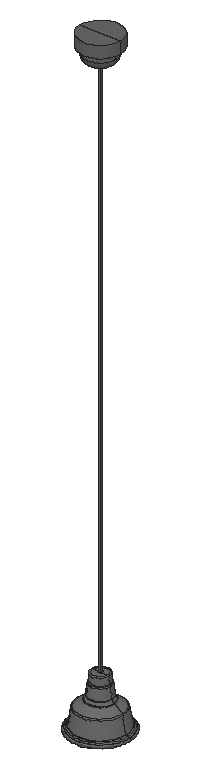
Revit family "Warehouse LED 8,10,12,14,16,18,20,24,27", category Lighting Fixtures, Revit 2020
Family settings
  Round Connector Dimension = Use Diameter
  Part Type = Normal
  OmniClass Number = 23.80.70.00
  OmniClass Title = Lighting
  Work Plane-Based = No
  Always vertical = Yes
  Cut with Voids When Loaded = No
  Light Source = Yes
  Shared = No
  Room Calculation Point = No
Parameters (values of type "W508")
  b = 0' - 2"
  a = 0' - 6 7/8"
  Weight = "1.0 lb"
  Wattage Comments = "9 W"
  Wattage = 5.72229 W
  Warranty = "5 year limited warranty"  # constant formula
  W527 = no
  W524 = no
  W520 = no
  W518 = no
  W516 = no
  W514 = no
  W512 = no
  W510 = no
  W508 = yes
  built-in parameter 1150110 = 1 (stored number, unit not read)
  Voltage = 277 V  # constant formula
  URL = "https://www.anplighting.com/assets/Uploads/product-attachments/specification-sheets/ANP-Specification-Sheet-RLM-LED-W508.pdf"
  built-in parameter 1114217 = 1 (stored number, unit not read)
  Tilt Angle = 90.00°
  built-in parameter 1150109 = 1 (stored number, unit not read)
  built-in parameter 1150134 = 12
  built-in parameter 1150113 = 1 (stored number, unit not read)
  Photometric Web File = "W508M009LDNW40K.IES"
  Mounting Option [instance] = 1
  Power Factor = 1
  Post Mount [instance] = Mounting Option = 5  # no
  Placement X axis side [instance] = if(Post Mount, 2' 2 15/32", if(Cord or Stem Mount, 0' 0", if(E36 20 inch, 1' 8 1/4", if(E 6 26 inch, 2' 2", if(E7 41 inch, 3' 5 1/4", 0' 1")))))  # 0' - 0"
  Model = "W508"
  Manufacturer = "ANP Lighting"  # constant formula
  built-in parameter 1150105 = 67.641 (stored number, unit not read)
  Lumens = 850 lm
  built-in parameter 1150115 = 1 (stored number, unit not read)
  Load Classification = Lighting
  Light Source Height [instance] = 0' - 0"
  built-in parameter 1150137 = (empty or 0)
  built-in parameter 1150139 = (empty or 0)
  Light Elevation _2 [instance] = if(Post Mount, 0' 0.66142", if(E7 41 inch, 0' 0.66142", if(E36 20 inch, 0' 1.65748", if(E 6 26 inch, 0' 1.53543", if(Cord or Stem Mount, (0' 4.3622" + Cord Length), 0' 0")))))  # 6' - 4.3622"
  Light Elevation _1 [instance] = if(Post Mount, 0' 0", if(E7 41 inch, 0' 0", if(E36 20 inch, 0' 1", if(E 6 26 inch, 0' 0.87402", if(Cord or Stem Mount, (0' 3.66142" + Cord Length), 0' 0")))))  # 6' - 3.66142"
  Light Elevation [instance] = if(Post Mount, 14' 0.5315", if(E7 41 inch, 0' 0", 0' 0"))  # 0' - 0"
  Life = "L70 50,000 hours"  # constant formula
  built-in parameter 1150112 = 1 (stored number, unit not read)
  built-in parameter 1150114 = 1 (stored number, unit not read)
  Lamp = "LED"
  built-in parameter 1150132 = 2
  built-in parameter 1150102 = (empty or 0)
  built-in parameter 1150107 = 4000 (stored number, unit not read)
  built-in parameter 1150138 = (empty or 0)
  built-in parameter 1150106 = 0.67641 (stored number, unit not read)
  Fixture Height = 0' - 6 7/8"
  Fixture Diameter = 0' - 8"
  Efficiency = "65-125 lumens per watt"  # constant formula
  built-in parameter 1150104 = 13.8 (stored number, unit not read)
  E7 41 inch [instance] = Mounting Option = 4  # no
  E36 20 inch [instance] = Mounting Option = 3  # no
  E 6 26 inch [instance] = Mounting Option = 2  # no
  Dimming Lamp Color Temperature Shift = <None>
  Dimming = "1%"  # constant formula
  Description = "120-277 Voltage"  # constant formula
  Default Elevation = 0' - 0"
  Cord or Stem Mount [instance] = Mounting Option = 1  # yes
  Cord Length option [instance] = 0
  Cord Length [instance] = if([2' Cord], 2' 0", if([4' Cord], 4' 0", if([8' Cord], 8' 0", if([10' Cord], 10' 0", if([6' Cord], 6' 0", 6' 0")))))  # 6' - 0"
  Construction Material = "Heavy Duty spun aluminum."  # constant formula
  Color Filter = 16777215
  Canopy Body = BLACK
  CRI = ">90"  # constant formula
  Bulb = Bulb
  Body Material = body
  Body Colour = "Spun aluminium"  # constant formula
  built-in parameter 1114218 = 1 (stored number, unit not read)
  BULB = yes
  built-in parameter 1150133 = 10 (stored number, unit not read)
  Apparent Load = 9 VA
  8' Cord [instance] = Cord Length option = 8  # no
  6' Cord [instance] = Cord Length option = 6  # no
  4' Cord [instance] = Cord Length option = 4  # no
  2' Cord [instance] = Cord Length option = 2  # no
  10' Cord [instance] = Cord Length option = 10  # no
Reference planes (in)
  plane 1 "Light Source Axis (F/B)": y = 0
  plane 2: z = 0
  plane 3 "Light Source Axis (L/R)": x = 0
  plane 4 "Light Source Elevation": z = 0
  plane 5: z = 0
  plane 6: x = 0
  plane 7 "Bulb Position": z = -76.3622
  plane 8 "Canopy Position": z = -75.66142
  plane 9 "IES": z = -76.3622
  plane 10: z = 164.5315
  plane 11: z = -82.53642
  plane 12: z = -80.53642
  plane 13: z = -78.10529
Dimensions and locks (in)
  "Light Elevation": plane 5 to plane 2
  "Placement X axis side": plane 6 to plane 3 "Light Source Axis (L/R)"
  "Light Elevation _2": plane 5 to plane 7 "Bulb Position"
  "Light Elevation _1": plane 5 to plane 8 "Canopy Position"
  "Light Source Height": plane 7 "Bulb Position" to plane 9 "IES"
  locked: plane 4 "Light Source Elevation" to plane 2
  "a": plane 8 "Canopy Position" to plane 11
  "b": plane 12 to plane 11
  locked: plane 13 to plane 12 at 2.43113
  aligned and locked: level to plane 2
  aligned and locked: plane 1 "Light Source Axis (F/B)" to nested 5
  aligned and locked: nested 5 to plane 2
  aligned and locked: nested 1 to plane 3 "Light Source Axis (L/R)"
  aligned and locked: plane 3 "Light Source Axis (L/R)" to nested 2
  aligned and locked: plane 3 "Light Source Axis (L/R)" to nested 4
  aligned and locked: nested 3 to plane 5
  aligned and locked: plane 3 "Light Source Axis (L/R)" to nested 3
  aligned and locked: plane 1 "Light Source Axis (F/B)" to nested 2
  aligned and locked: plane 1 "Light Source Axis (F/B)" to nested 1
  aligned and locked: plane 1 "Light Source Axis (F/B)" to nested 4
  aligned and locked: plane 1 "Light Source Axis (F/B)" to nested 3
  aligned and locked: plane 2 to nested 1
  aligned and locked: plane 2 to nested 2
  aligned and locked: nested 4 to plane 2
  aligned and locked: imposter light to plane 6
  aligned and locked: plane 12 to imposter light
  aligned and locked: imposter light to plane 1 "Light Source Axis (F/B)"
  aligned and locked: plane 1 "Light Source Axis (F/B)" to nested 6
  aligned and locked: plane 6 to nested 6
  aligned and locked: plane 8 "Canopy Position" to nested 6
  aligned and locked: plane 8 "Canopy Position" to nested 7
  aligned and locked: plane 8 "Canopy Position" to nested 8
  aligned and locked: plane 8 "Canopy Position" to nested 9
  aligned and locked: plane 8 "Canopy Position" to nested 10
  aligned and locked: plane 8 "Canopy Position" to nested 11
  aligned and locked: plane 8 "Canopy Position" to nested 12
  aligned and locked: plane 8 "Canopy Position" to nested 13
  aligned and locked: plane 8 "Canopy Position" to nested 14
  aligned and locked: plane 1 "Light Source Axis (F/B)" to nested 7
  aligned and locked: plane 6 to nested 7
  aligned and locked: plane 1 "Light Source Axis (F/B)" to nested 8
  aligned and locked: plane 6 to nested 8
  aligned and locked: plane 6 to nested 9
  aligned and locked: plane 6 to nested 10
  aligned and locked: plane 1 "Light Source Axis (F/B)" to nested 10
  aligned and locked: plane 1 "Light Source Axis (F/B)" to nested 9
  aligned and locked: plane 6 to nested 11
  aligned and locked: plane 1 "Light Source Axis (F/B)" to nested 11
  aligned and locked: plane 6 to nested 12
  aligned and locked: plane 1 "Light Source Axis (F/B)" to nested 12
  aligned and locked: plane 1 "Light Source Axis (F/B)" to nested 13
  aligned and locked: plane 6 to nested 13
  aligned and locked: plane 1 "Light Source Axis (F/B)" to nested 14
  aligned and locked: plane 6 to nested 14
Nested families (in)
  nested 1: "CORD OR STEM MOUNT" at (0, 0, -75.67), visible <- "Cord or Stem Mount", Cord or Stem Mount <- "Cord or Stem Mount", Body Material <- "Body Material", Light Elevation <- "Light Elevation", Cord Length <- "Cord Length", 10' Cord <- "10' Cord", 2' Cord <- "2' Cord", 4' Cord <- "4' Cord", 6' Cord <- "6' Cord", 8' Cord <- "8' Cord", type "CORD OR STEM MOUNT"
    with Light Elevation 0' - 0", Cord or Stem Mount yes, Cord Length 6' - 0", Body Material body, 8' Cord no, 6' Cord no, 4' Cord no, 2' Cord no, 10' Cord no
  nested 2: "E6 26 INCH" at (0, 0, 0), visible <- "E 6 26 inch", Chain Length <- "Cord Length", E 6 26 inch <- "E 6 26 inch", Placement X axis side <- "Placement X axis side", Body Material <- "Body Material", Light Elevation <- "Light Elevation", type "E6 26 INCH"
    with Placement X axis side 0' - 0", Light Elevation 0' - 0", E 6 26 inch no, Chain Length 6' - 0", Body Material body
  nested 3: "E7 41 INCH" at (0, 0, 0), Chain Length <- "Cord Length", visible <- "E7 41 inch", E7 41 inch <- "E7 41 inch", Placement X axis side <- "Placement X axis side", Body Material <- "Body Material", Light Elevation <- "Light Elevation", type "E7 41 INCH"
    with Placement X axis side 0' - 0", Light Elevation 0' - 0", E7 41 inch no, Chain Length 6' - 0", Body Material body
  nested 4: "E36 20 INCH" at (0, 0, 0), visible <- "E36 20 inch", E36 20 inch <- "E36 20 inch", Placement X axis side <- "Placement X axis side", Chain Length <- "Cord Length", Body Material <- "Body Material", Light Elevation <- "Light Elevation", type "E36 20 INCH"
    with Placement X axis side 0' - 0", Light Elevation 0' - 0", E36 20 inch no, Chain Length 6' - 0", Body Material body
  nested 5: "POST MOUNT" at (0, 0, 0), visible <- "Post Mount", Post Mount <- "Post Mount", Placement X axis side <- "Placement X axis side", Chain Length <- "Cord Length", Body Material <- "Body Material", Light Elevation <- "Light Elevation", type "POST MOUNT"
    with Post Mount no, Placement X axis side 0' - 0", Light Elevation 0' - 0", Chain Length 6' - 0", Body Material body
  nested 6: "W508_1" at (0, 0, -75.66142), W508 <- "W508", visible <- "W508", Body <- "Canopy Body", Light Elevation <- "Light Elevation", type "W508_1"
    with W508 yes, Light Elevation 0' - 0", Body BLACK
  nested 7: "W510_1" at (0, 0, -75.66142), W510 <- "W510", visible <- "W510", Body <- "Canopy Body", Light Elevation <- "Light Elevation", type "W510_1"
    with W510 no, Light Elevation 0' - 0", Body BLACK
  nested 8: "W512_1" at (0, 0, -75.66142), W512 <- "W512", visible <- "W512", Body <- "Canopy Body", Light Elevation <- "Light Elevation", type "W512_1"
    with W512 no, Light Elevation 0' - 0", Body BLACK
  nested 9: "W514_1" at (0, 0, -75.66142), W514 <- "W514", visible <- "W514", Body <- "Canopy Body", Light Elevation <- "Light Elevation", type "W514_1"
    with W514 no, Light Elevation 0' - 0", Body BLACK
  nested 10: "W516_1" at (0, 0, -75.66142), W516 <- "W516", visible <- "W516", Body <- "Canopy Body", Light Elevation <- "Light Elevation", type "W516_1"
    with W516 no, Light Elevation 0' - 0", Body BLACK
  nested 11: "W518_1" at (0, 0, -75.66142), W518 <- "W518", visible <- "W518", Body <- "Canopy Body", Light Elevation <- "Light Elevation", type "W518_1"
    with W518 no, Light Elevation 0' - 0", Body BLACK
  nested 12: "W520_1" at (0, 0, -75.66142), W520 <- "W520", visible <- "W520", Body <- "Canopy Body", Light Elevation <- "Light Elevation", type "W520_1"
    with W520 no, Light Elevation 0' - 0", Body BLACK
  nested 13: "W524_1" at (0, 0, -75.66142), W524 <- "W524", visible <- "W524", Body <- "Canopy Body", Light Elevation <- "Light Elevation", type "W524_1"
    with W524 no, Light Elevation 0' - 0", Body BLACK
  nested 14: "W527_1" at (0, 0, -75.66047), W527 <- "W527", visible <- "W527", Body <- "Canopy Body", Light Elevation <- "Light Elevation", type "W527_1"
    with W527 no, Light Elevation 0' - 0", Body BLACK
Definition of nested family "CORD OR STEM MOUNT"
  Parameters (values of type "CORD OR STEM MOUNT")
    URL = ""
    Model = ""
    Manufacturer = ""
    Light Elevation [instance] = 1' - 7.69"
    Default Elevation = 0' - 0"
    Cord or Stem Mount [instance] = yes
    Cord Length [instance] = 6' - 0"
    Body Material [instance] = none
    8' Cord [instance] = no
    6' Cord [instance] = no
    4' Cord [instance] = no
    2' Cord [instance] = no
    10' Cord [instance] = no
  Reference planes (in)
    plane 1 "Light Source Axis (F/B)": y = 0
    plane 2: z = 0
    plane 3 "Light Source Axis (L/R)": x = 0
    plane 4 "Light Source Elevation": z = 23.125
    plane 5: z = 91.69
    plane 6: z = 19.69
  Forms (in)
    Extrusion 1, void, not visible
      sketch origin (0, 0, 2.38154) x (1, 0, 0) y (0, 0, 1)
        loop
          circle (0, 4.59925) r 0.16583
      from 1.18594 to 1.75
    Extrusion 2, void, not visible
      sketch origin (0, 0, 2.38154) x (0.707107, -0.707107, 0) y (0, 0, 1)
        loop
          circle (0, 4.59925) r 0.16583
      from 1.18594 to 1.75
    Extrusion 3, void, not visible
      sketch origin (0, 0, 2.38154) x (0.707107, 0.707107, 0) y (0, 0, 1)
        loop
          circle (0, 4.59925) r 0.16583
      from 1.18594 to 1.75
    Extrusion 4, void, not visible
      sketch origin (0, 0, 2.38154) x (0, 1, 0) y (0, 0, 1)
        loop
          circle (0, 4.59925) r 0.16583
      from 1.18594 to 1.75
    Extrusion 5, void, not visible
      sketch origin (0, 0, 2.38154) x (-0.707107, 0.707107, 0) y (0, 0, 1)
        loop
          circle (0, 4.59925) r 0.16583
      from 1.18594 to 1.75
    Extrusion 6, void, not visible
      sketch origin (0, 0, 2.38154) x (-1, 0, 0) y (0, 0, 1)
        loop
          circle (0, 4.59925) r 0.20678
      from 1.18594 to 1.75
    Extrusion 7, void, not visible
      sketch origin (0, 0, 2.38154) x (-0.707107, -0.707107, 0) y (0, 0, 1)
        loop
          circle (0, 4.59925) r 0.16583
      from 1.18594 to 1.75
    Extrusion 8, void, not visible
      sketch origin (0, 0, 2.38154) x (0, -1, 0) y (0, 0, 1)
        loop
          circle (0, 4.59925) r 0.16583
      from 1.18594 to 1.75
    Revolve 9, solid, material <- "Body Material", visible <- "Cord or Stem Mount"
      sketch origin (0, 0, 174.56698) x (1, 0, 0) y (0, 0, 1)
        loop
          line (2.6875, -79.20698) -> (0, -79.20698) -> (0, -82.87698) -> (0.125, -82.87698) -> (0.125, -82.83698) -> (0.75, -82.83698)
          arc (0.75, -82.83698) -> (0.81694, -82.77004) -> (0.75, -82.7031) r 0.06694
          line (0.75, -82.7031) -> (0.89763, -82.7031) -> (1.00223, -82.5985) -> (1.06587, -82.5985)
          arc (1.06587, -82.5985) -> (1.80099, -82.29401) -> (2.10549, -81.55888) r 1.03962
          line (2.10549, -81.55888) -> (2.10549, -81.03899)
          arc (2.10549, -81.03899) -> (2.12951, -80.981) -> (2.1875, -80.95698) r 0.08201
          line (2.1875, -80.95698) -> (2.1875, -80.70698) -> (2.6875, -80.70698) -> (2.6875, -79.20698)
        axis (0, -79.20698) -> (0, -82.87698)
      angle from 0 to 360
    Revolve 10, solid, material <- "Body Material", visible <- "Cord or Stem Mount"
      sketch origin (0, 0, 0) x (1, 0, 0) y (0, 0, 1)
        loop
          line (0, 91.69) -> (-0.125, 91.69) -> (-0.125, 19.69) -> (0, 19.69) -> (0, 91.69)
        axis (0, 19.69) -> (0, 91.69)
      angle from 0 to 360
  Dimensions and locks (in)
    "Light Elevation": plane 6 to plane 2
    "Cord Length": plane 5 to plane 6
    locked: Revolve 10 sketch curve to Revolve 10 sketch curve at 0.125
    aligned and locked: level to plane 2
    aligned and locked: Revolve 10 sketch curve to plane 3 "Light Source Axis (L/R)"
    aligned and locked: Revolve 10 sketch curve to plane 6
    aligned and locked: Revolve 10 sketch curve to plane 5
    aligned and locked: plane 3 "Light Source Axis (L/R)" to Revolve 10 sketch curve
  Automatic sketch dimensions
    Revolve 9 sketch curve to plane 3 "Light Source Axis (L/R)" = 0' - 0"  (x2)
    Revolve 9 sketch curve to plane 5 = 0' - 0"
    plane 3 "Light Source Axis (L/R)" to Revolve 9 sketch curve = 0' - 0 1/8"
    Revolve 9 sketch curve to plane 5 = 0' - 0.17388"
    Revolve 9 sketch curve to Revolve 9 sketch curve = 0' - 0 5/8"
    Revolve 9 sketch curve to Revolve 9 sketch curve = 0' - 0.14763"
    Revolve 9 sketch curve to plane 5 = 0' - 0.27847"
    Revolve 9 sketch curve to Revolve 9 sketch curve = 0' - 0.1046"
    Revolve 9 sketch curve to Revolve 9 sketch curve = 0' - 0.06364"
    Revolve 9 sketch curve to Revolve 9 sketch curve = 0' - 1.03962"
    Revolve 9 sketch curve to Revolve 9 sketch curve = 0' - 0 21/256"
    Revolve 9 sketch curve to Revolve 9 sketch curve = 0' - 0 1/2"  (x2)
    Revolve 9 sketch curve to Revolve 9 sketch curve = 0' - 0.51989"
    Revolve 9 sketch curve to Revolve 9 sketch curve = 0' - 0 1/4"
    Revolve 9 sketch curve to Revolve 9 sketch curve = 0' - 2.3519"
    Revolve 9 sketch curve to Revolve 9 sketch curve = 0' - 1 1/4"
    Revolve 9 sketch curve to Revolve 9 sketch curve = 0' - 0.04"
    Revolve 10 sketch curve to Revolve 10 sketch curve = 0' - 0 1/2"
    Revolve 10 sketch curve to Revolve 10 sketch curve = 0' - 0.42345"
Definition of nested family "W508_1"
  Parameters (values of type "W508_1")
    W508 [instance] = yes
    Light Elevation [instance] = 1' - 2.12816"
    Default Elevation = 0' - 0"
    Body [instance] = none
  Reference planes (in)
    plane 1 "Center (Front/Back)": y = 0
    plane 2: z = 0
    plane 3 "Center (Left/Right)": x = 0
    plane 4: z = 14.12816
  Dimensions and locks (in)
    "Light Elevation": plane 4 to plane 2
    aligned and locked: plane 2 to level
    aligned and locked: plane 3 "Center (Left/Right)" to nested 1
    aligned and locked: plane 1 "Center (Front/Back)" to nested 1
    aligned and locked: plane 4 to nested 1
  Nested families (in)
    nested 1: "W508" at (0, 0, 7.25316), BODY <- "Body", visible <- "W508", W508 <- "W508", type "W508"
      with W508 yes, BODY none
  Definition of nested family "W508"
    Parameters (values of type "W508")
      W508 [instance] = yes
      BODY [instance] = none
      Default Elevation = 0' - 0"
    Reference planes (in)
      plane 1 "Center (Front/Back)": y = 0
      plane 2: z = 0
      plane 3 "Center (Left/Right)": x = 0
      plane 4: z = 6.875
      plane 5: x = 4
      plane 6: x = -4
    Forms (in)
      Revolve 1, solid, material <- "BODY", visible <- "W508"
        sketch origin (0, 0, -10.92016) x (1, 0, 0) y (0, 0, 1)
          loop
            arc (-1.05754, 17.79516) -> (-1.14437, 17.76008) -> (-1.18246, 17.67452) r 0.125
            line (-1.18246, 17.67452) -> (-1.2118, 16.83424)
            arc (-1.2118, 16.83424) -> (-1.22636, 16.75847) -> (-1.26333, 16.69076) r 0.25
            line (-1.26333, 16.69076) -> (-1.29949, 16.64364)
            arc (-1.29949, 16.64364) -> (-1.33285, 16.58536) -> (-1.34949, 16.5203) r 0.25
            line (-1.34949, 16.5203) -> (-1.50798, 15.15729)
            arc (-1.50798, 15.15729) -> (-1.51392, 15.12494) -> (-1.52406, 15.09364) r 0.25
            arc (-1.52406, 15.09364) -> (-1.61927, 14.88004) -> (-1.73132, 14.67476) r 2.91166
            arc (-1.73132, 14.67476) -> (-1.7651, 14.63046) -> (-1.80784, 14.59474) r 0.25
            arc (-1.80784, 14.59474) -> (-2.3662, 14.21022) -> (-2.90984, 13.80514) r 18.1719
            arc (-2.90984, 13.80514) -> (-2.9675, 13.74197) -> (-3.0005, 13.66305) r 0.25
            arc (-3.0005, 13.66305) -> (-3.21662, 12.60074) -> (-3.38288, 11.5295) r 23.2014
            arc (-3.38288, 11.5295) -> (-3.39233, 11.50375) -> (-3.4119, 11.48453) r 0.0625
            line (-3.4119, 11.48453) -> (-3.61243, 11.36011)
            arc (-3.61243, 11.36011) -> (-3.69693, 11.27302) -> (-3.73047, 11.1564) r 0.25
            line (-3.73047, 11.1564) -> (-3.73047, 11.11734)
            arc (-3.73047, 11.11734) -> (-3.76197, 11.03542) -> (-3.84234, 11.00015) r 0.11403
            arc (-3.84234, 11.00015) -> (-3.92047, 11.07828) -> (-3.84234, 11.1564) r 0.07813
            line (-3.84234, 11.1564) -> (-3.84234, 11.2364)
            arc (-3.84234, 11.2364) -> (-4.00047, 11.07771) -> (-3.8412, 10.92016) r 0.15813
            arc (-3.8412, 10.92016) -> (-3.69244, 10.99325) -> (-3.65052, 11.15361) r 0.19915
            arc (-3.65052, 11.15361) -> (-3.62771, 11.23291) -> (-3.57025, 11.29213) r 0.17
            line (-3.57025, 11.29213) -> (-3.36972, 11.41655)
            arc (-3.36972, 11.41655) -> (-3.32511, 11.46038) -> (-3.30356, 11.51908) r 0.1425
            arc (-3.30356, 11.51908) -> (-3.13787, 12.58663) -> (-2.9225, 13.64527) r 23.1214
            arc (-2.9225, 13.64527) -> (-2.90006, 13.69894) -> (-2.86085, 13.7419) r 0.17
            arc (-2.86085, 13.7419) -> (-2.31961, 14.14519) -> (-1.76371, 14.52802) r 18.0919
            arc (-1.76371, 14.52802) -> (-1.70728, 14.57517) -> (-1.66269, 14.63364) r 0.33
            arc (-1.66269, 14.63364) -> (-1.54757, 14.84456) -> (-1.44974, 15.06403) r 2.99166
            arc (-1.44974, 15.06403) -> (-1.43636, 15.10534) -> (-1.42852, 15.14805) r 0.33
            line (-1.42852, 15.14805) -> (-1.27003, 16.51106)
            arc (-1.27003, 16.51106) -> (-1.25871, 16.5553) -> (-1.23603, 16.59493) r 0.17
            line (-1.23603, 16.59493) -> (-1.19986, 16.64205)
            arc (-1.19986, 16.64205) -> (-1.15107, 16.73144) -> (-1.13185, 16.83145) r 0.33
            line (-1.13185, 16.83145) -> (-1.10272, 17.66579)
            arc (-1.10272, 17.66579) -> (-1.089, 17.69659) -> (-1.05774, 17.70922) r 0.045
            line (-1.05774, 17.70922) -> (-0.25, 17.70922) -> (-0.25, 17.79516) -> (-1.05754, 17.79516)
          axis (0, 17.79516) -> (0, 10.92016)
        angle from 0 to 360
    Dimensions and locks (in)
      plane 4 to plane 2 = 0' - 6 7/8"
      plane 5 to plane 3 "Center (Left/Right)" = 0' - 4"
      plane 6 to plane 5 = 0' - 8"
      aligned and locked: plane 2 to level
Definition of nested family "E6 26 INCH"
  Parameters (values of type "E6 26 INCH")
    URL = ""
    Placement X axis side [instance] = 2' - 2"
    Model = ""
    Manufacturer = ""
    Light Elevation [instance] = 8' - 4"
    E 6 26 inch [instance] = yes
    Default Elevation = 0' - 0"
    Chain Length [instance] = 0' - 0"
    Body Material [instance] = none
  Reference planes (in)
    plane 1 "Light Source Axis (F/B)": y = 0
    plane 2: z = 0
    plane 3 "Light Source Axis (L/R)": x = 0
    plane 4 "Light Source Elevation": z = 23.125
    plane 5: z = 100
    plane 6: x = -26
    plane 7: z = 99.125
    plane 8: x = -24.12
    plane 9: x = -25.5474
  Forms (in)
    Extrusion 1, void, not visible
      sketch origin (0, 0, 2.38154) x (1, 0, 0) y (0, 0, 1)
        loop
          circle (0, 4.59925) r 0.16583
      from 1.18594 to 1.75
    Extrusion 2, void, not visible
      sketch origin (0, 0, 2.38154) x (0.707107, -0.707107, 0) y (0, 0, 1)
        loop
          circle (0, 4.59925) r 0.16583
      from 1.18594 to 1.75
    Extrusion 3, void, not visible
      sketch origin (0, 0, 2.38154) x (0.707107, 0.707107, 0) y (0, 0, 1)
        loop
          circle (0, 4.59925) r 0.16583
      from 1.18594 to 1.75
    Extrusion 4, void, not visible
      sketch origin (0, 0, 2.38154) x (0, 1, 0) y (0, 0, 1)
        loop
          circle (0, 4.59925) r 0.16583
      from 1.18594 to 1.75
    Extrusion 5, void, not visible
      sketch origin (0, 0, 2.38154) x (-0.707107, 0.707107, 0) y (0, 0, 1)
        loop
          circle (0, 4.59925) r 0.16583
      from 1.18594 to 1.75
    Extrusion 6, void, not visible
      sketch origin (0, 0, 2.38154) x (-1, 0, 0) y (0, 0, 1)
        loop
          circle (0, 4.59925) r 0.20678
      from 1.18594 to 1.75
    Extrusion 7, void, not visible
      sketch origin (0, 0, 2.38154) x (-0.707107, -0.707107, 0) y (0, 0, 1)
        loop
          circle (0, 4.59925) r 0.16583
      from 1.18594 to 1.75
    Extrusion 8, void, not visible
      sketch origin (0, 0, 2.38154) x (0, -1, 0) y (0, 0, 1)
        loop
          circle (0, 4.59925) r 0.16583
      from 1.18594 to 1.75
    Sweep 9, solid, material <- "Body Material", visible <- "E 6 26 inch"
      path origin (-41.25, 0, 168.51693) x (1, 0, 0) y (0, 0, 1)
        loop
          line (17.13, -68.51693) -> (27.68551, -68.51693)
          arc (27.68551, -68.51693) -> (28.47996, -68.34486) -> (29.13202, -67.8595) r 1.92004
          line (29.13202, -67.8595) -> (34.23651, -62.01155)
          arc (34.23651, -62.01155) -> (38.65464, -60.89667) -> (41.25, -64.64193) r 4
          line (41.25, -64.64193) -> (41.25, -69.39193)
      profile origin (-18.84224, 0, 100) x (0, 0, 1) y (0, -1, 0)
        loop
          circle (0, 0) r 0.5
    Revolve 10, solid, material <- "Body Material", visible <- "E 6 26 inch"
      sketch origin (-26, 0, 168.51693) x (1, 0, 0) y (0, 0, 1)
        loop
          line (0, -66.07943) -> (0, -68.51693) -> (1.88, -68.51693) -> (1.88, -67.69272) -> (0.4526, -67.69272) -> (0.4526, -66.54122) -> (0.33125, -66.54122) -> (0.33125, -66.07943) -> (0, -66.07943)
        axis (0, -68.51693) -> (1.88, -68.51693)
      angle from 0 to 360
    Extrusion 11, solid, material <- "Body Material", visible <- "E 6 26 inch"
      sketch origin (-26, 0, 168.51693) x (0, -1, 0) y (0, 0, -1)
        loop
          line (0.25, 68.51693) -> (0.25, 69.51693) -> (-0.25, 69.51693) -> (-0.25, 68.51693) -> (0.25, 68.51693)
      from 0.4526 to 1.88
  Cuts and joins
    joined: Revolve 10, Extrusion 11
  Dimensions and locks (in)
    "Light Elevation": plane 5 to plane 2
    "Placement X axis side": plane 3 "Light Source Axis (L/R)" to plane 6
    locked: plane 5 to plane 7 at 0.875
    Revolve 10 sketch curve to Revolve 10 sketch curve to Revolve 10 sketch curve to plane 6 = 0' - 1.4274" locked, 0' - 0.12135" locked, 0' - 0.33125" locked
    Revolve 10 sketch curve to Revolve 10 sketch curve to Revolve 10 sketch curve to plane 5 = 0' - 0.46179" locked, 0' - 1.1515" locked, 0' - 0 211/256" locked
    locked: Sweep 9 sketch curve to plane 6 at 1.88
    locked: Sweep 9 sketch curve to Sweep 9 sketch curve at 10.55551
    locked: Sweep 9 sketch curve to Sweep 9 sketch curve at 13.56449
    locked: Sweep 9 sketch curve to Sweep 9 sketch curve at 4.75
    locked: plane 9 to plane 6 at 0.4526
    locked: plane 8 to plane 9 at 1.4274
    aligned and locked: level to plane 2
    aligned and locked: Revolve 10 sketch curve to plane 6
    aligned and locked: plane 5 to Revolve 10 sketch curve
    aligned and locked: Revolve 10 sketch curve to plane 5
    aligned and locked: cut or joined group of Revolve 10, Extrusion 11 to plane 9
    aligned and locked: plane 8 to cut or joined group of Revolve 10, Extrusion 11
  Automatic sketch dimensions
    Sweep 9 sketch curve to plane 5 = 0' - 0"
    Sweep 9 sketch curve to Sweep 9 sketch curve = 0' - 4"
    Sweep 9 sketch curve to Sweep 9 sketch curve = 0' - 3.01349"
    plane 5 to Sweep 9 sketch curve = 0' - 0.65743"
    Sweep 9 sketch curve to Sweep 9 sketch curve = 0' - 1.4465"
    Sweep 9 sketch curve to plane 5 = 0' - 0 7/8"
    profile plane to Sweep 9 sketch curve = 0' - 0"
    Sweep 9 sketch curve to profile plane = 0' - 0"
    plane 6 to Revolve 10 sketch curve = 0' - 0.62562"
    Revolve 10 sketch curve to Revolve 10 sketch curve = 0' - 0 1/2"
    Extrusion 11 sketch curve to plane 5 = 0' - 0"
    plane 1 "Light Source Axis (F/B)" to Extrusion 11 sketch curve = 0' - 0 1/4"
    Extrusion 11 sketch curve to plane 1 "Light Source Axis (F/B)" = 0' - 0 1/4"
    plane 5 to Extrusion 11 sketch curve = 0' - 1"
    radius of Sweep 9 sketch curve = 0' - 0 1/2"
Definition of nested family "E7 41 INCH"
  Parameters (values of type "E7 41 INCH")
    URL = ""
    Placement X axis side [instance] = 4' - 2"
    Model = ""
    Manufacturer = ""
    Light Elevation [instance] = 8' - 4"
    E7 41 inch [instance] = yes
    Default Elevation = 0' - 0"
    Chain Length [instance] = 0' - 0"
    Body Material [instance] = none
  Reference planes (in)
    plane 1 "Light Source Axis (F/B)": y = 0
    plane 2: z = 0
    plane 3 "Light Source Axis (L/R)": x = 0
    plane 4 "Light Source Elevation": z = 23.125
    plane 5: z = 100
    plane 6: x = -50
  Forms (in)
    Extrusion 1, void, not visible
      sketch origin (0, 0, 2.38154) x (1, 0, 0) y (0, 0, 1)
        loop
          circle (0, 4.59925) r 0.16583
      from 1.18594 to 1.75
    Extrusion 2, void, not visible
      sketch origin (0, 0, 2.38154) x (0.707107, -0.707107, 0) y (0, 0, 1)
        loop
          circle (0, 4.59925) r 0.16583
      from 1.18594 to 1.75
    Extrusion 3, void, not visible
      sketch origin (0, 0, 2.38154) x (0.707107, 0.707107, 0) y (0, 0, 1)
        loop
          circle (0, 4.59925) r 0.16583
      from 1.18594 to 1.75
    Extrusion 4, void, not visible
      sketch origin (0, 0, 2.38154) x (0, 1, 0) y (0, 0, 1)
        loop
          circle (0, 4.59925) r 0.16583
      from 1.18594 to 1.75
    Extrusion 5, void, not visible
      sketch origin (0, 0, 2.38154) x (-0.707107, 0.707107, 0) y (0, 0, 1)
        loop
          circle (0, 4.59925) r 0.16583
      from 1.18594 to 1.75
    Extrusion 6, void, not visible
      sketch origin (0, 0, 2.38154) x (-1, 0, 0) y (0, 0, 1)
        loop
          circle (0, 4.59925) r 0.20678
      from 1.18594 to 1.75
    Extrusion 7, void, not visible
      sketch origin (0, 0, 2.38154) x (-0.707107, -0.707107, 0) y (0, 0, 1)
        loop
          circle (0, 4.59925) r 0.16583
      from 1.18594 to 1.75
    Extrusion 8, void, not visible
      sketch origin (0, 0, 2.38154) x (0, -1, 0) y (0, 0, 1)
        loop
          circle (0, 4.59925) r 0.16583
      from 1.18594 to 1.75
    Revolve 9, solid, material <- "Body Material", visible <- "E7 41 inch"
      sketch origin (-41.25, 0, 168.39193) x (1, 0, 0) y (0, 0, 1)
        loop
          line (-8.75, -66.20443) -> (-8.75, -68.51693) -> (-6.87, -68.51693) -> (-6.87, -67.69272) -> (-8.2974, -67.69272) -> (-8.2974, -66.54122) -> (-8.41875, -66.54122) -> (-8.41875, -66.20443) -> (-8.75, -66.20443)
        axis (-8.75, -68.51693) -> (-6.87, -68.51693)
      angle from 0 to 360
    Extrusion 10, solid, material <- "Body Material", visible <- "E7 41 inch"
      sketch origin (-41.25, 0, 168.39193) x (0, -1, 0) y (0, 0, -1)
        loop
          line (0.25, 68.51693) -> (0.25, 69.51693) -> (-0.25, 69.51693) -> (-0.25, 68.51693) -> (0.25, 68.51693)
      from -8.2974 to -6.87
    Sweep 11, solid, material <- "Body Material", visible <- "E7 41 inch"
      path origin (-41.25, 0, 168.39193) x (1, 0, 0) y (0, 0, 1)
        loop
          line (-6.87, -68.51693) -> (16.04011, -68.51693)
          arc (16.04011, -68.51693) -> (17.864, -68.13651) -> (19.38375, -67.0587) r 4.5625
          line (19.38375, -67.0587) -> (24.70217, -61.33018)
          arc (24.70217, -61.33018) -> (29.64465, -60.20324) -> (32.5, -64.39193) r 4.5
          line (32.5, -64.39193) -> (32.5, -68.39193)
      profile origin (-36.66494, 0, 99.875) x (0, 0, 1) y (0, -1, 0)
        loop
          circle (0, 0) r 0.5
  Dimensions and locks (in)
    "Placement X axis side": plane 3 "Light Source Axis (L/R)" to plane 6
    "Light Elevation": plane 5 to plane 2
    locked: Revolve 9 sketch curve to Revolve 9 sketch curve at 0.33125
    locked: Revolve 9 sketch curve to Revolve 9 sketch curve at 0.4526
    locked: Revolve 9 sketch curve to Revolve 9 sketch curve at 1.88
    locked: Revolve 9 sketch curve to Revolve 9 sketch curve at 0.82421
    locked: Revolve 9 sketch curve to Revolve 9 sketch curve at 1.1515
    locked: Revolve 9 sketch curve to Revolve 9 sketch curve at 0.33679
    locked: plane 5 to Revolve 9 sketch curve at 0.125
    locked: Extrusion 10 sketch curve to Extrusion 10 sketch curve at 0.5
    locked: Extrusion 10 sketch curve to Extrusion 10 sketch curve at 1
    locked: plane 5 to Extrusion 10 sketch curve at 0.125
    locked: plane 5 to Sweep 11 sketch curve at 0.125
    locked: Sweep 11 sketch curve to Sweep 11 sketch curve at 39.37
    locked: Sweep 11 sketch curve to Sweep 11 sketch curve at 4
    locked: plane 6 to Extrusion 10 at 0.4526
    locked: Sweep 11 sketch curve to plane 6 at 1.88
    locked: Extrusion 10 to Extrusion 10 at 1.4274
    aligned and locked: plane 2 to level
    aligned and locked: Revolve 9 sketch curve to plane 6
  Automatic sketch dimensions
    Revolve 9 sketch curve to plane 5 = 0' - 0 1/8"
    plane 6 to Revolve 9 sketch curve = 0' - 0.62562"
    Revolve 9 sketch curve to Revolve 9 sketch curve = 0' - 0 1/2"
    plane 1 "Light Source Axis (F/B)" to Extrusion 10 sketch curve = 0' - 0 1/4"
    Sweep 11 sketch curve to plane 5 = 0' - 0"
    Sweep 11 sketch curve to Sweep 11 sketch curve = 0' - 4 1/2"
    Sweep 11 sketch curve to Sweep 11 sketch curve = 0' - 3.29783"
    plane 5 to Sweep 11 sketch curve = 0' - 1.33323"
    Sweep 11 sketch curve to Sweep 11 sketch curve = 0' - 5.31842"
    Sweep 11 sketch curve to Sweep 11 sketch curve = 0' - 3.34364"
    profile plane to Sweep 11 sketch curve = 0' - 0"
    Sweep 11 sketch curve to profile plane = 0' - 0"
    radius of Sweep 11 sketch curve = 0' - 0 1/2"
Definition of nested family "E36 20 INCH"
  Parameters (values of type "E36 20 INCH")
    URL = ""
    Placement X axis side [instance] = 1' - 8 1/4"
    Model = ""
    Manufacturer = ""
    Light Elevation [instance] = 8' - 4"
    E36 20 inch [instance] = yes
    Default Elevation = 0' - 0"
    Chain Length [instance] = 0' - 0"
    Body Material [instance] = none
  Reference planes (in)
    plane 1 "Light Source Axis (F/B)": y = 0
    plane 2: z = 0
    plane 3 "Light Source Axis (L/R)": x = 0
    plane 4 "Light Source Elevation": z = 23.125
    plane 5: z = 99
    plane 6: x = -20.25
    plane 7: z = 100
    plane 8: x = -18.37008
    plane 9: x = -19.79724
  Forms (in)
    Extrusion 1, void, not visible
      sketch origin (0, 0, 2.38154) x (1, 0, 0) y (0, 0, 1)
        loop
          circle (0, 4.59925) r 0.16583
      from 1.18594 to 1.75
    Extrusion 2, void, not visible
      sketch origin (0, 0, 2.38154) x (0.707107, -0.707107, 0) y (0, 0, 1)
        loop
          circle (0, 4.59925) r 0.16583
      from 1.18594 to 1.75
    Extrusion 3, void, not visible
      sketch origin (0, 0, 2.38154) x (0.707107, 0.707107, 0) y (0, 0, 1)
        loop
          circle (0, 4.59925) r 0.16583
      from 1.18594 to 1.75
    Extrusion 4, void, not visible
      sketch origin (0, 0, 2.38154) x (0, 1, 0) y (0, 0, 1)
        loop
          circle (0, 4.59925) r 0.16583
      from 1.18594 to 1.75
    Extrusion 5, void, not visible
      sketch origin (0, 0, 2.38154) x (-0.707107, 0.707107, 0) y (0, 0, 1)
        loop
          circle (0, 4.59925) r 0.16583
      from 1.18594 to 1.75
    Extrusion 6, void, not visible
      sketch origin (0, 0, 2.38154) x (-1, 0, 0) y (0, 0, 1)
        loop
          circle (0, 4.59925) r 0.20678
      from 1.18594 to 1.75
    Extrusion 7, void, not visible
      sketch origin (0, 0, 2.38154) x (-0.707107, -0.707107, 0) y (0, 0, 1)
        loop
          circle (0, 4.59925) r 0.16583
      from 1.18594 to 1.75
    Extrusion 8, void, not visible
      sketch origin (0, 0, 2.38154) x (0, -1, 0) y (0, 0, 1)
        loop
          circle (0, 4.59925) r 0.16583
      from 1.18594 to 1.75
    Sweep 9, solid, material <- "Body Material", visible <- "E36 20 inch"
      path origin (-41.25, 0, 169.51693) x (1, 0, 0) y (0, 0, 1)
        loop
          line (22.88, -69.51693) -> (28.93827, -69.51693)
          arc (28.93827, -69.51693) -> (29.97705, -69.28152) -> (30.81284, -68.62128) r 2.40953
          line (30.81284, -68.62128) -> (34.13807, -64.50378)
          arc (34.13807, -64.50378) -> (38.58272, -63.24548) -> (41.25, -67.01693) r 4
          line (41.25, -67.01693) -> (41.25, -70.51693)
      profile origin (-15.34086, 0, 100) x (0, 0, 1) y (0, -1, 0)
        loop
          circle (0, 0) r 0.5
    Revolve 10, solid, material <- "Body Material", visible <- "E36 20 inch"
      sketch origin (-20.25, 0, 169.51693) x (1, 0, 0) y (0, 0, 1)
        loop
          line (0, -67.20443) -> (0, -69.51693) -> (1.88, -69.51693) -> (1.88, -68.69272) -> (0.4526, -68.69272) -> (0.4526, -67.54122) -> (0.33125, -67.54122) -> (0.33125, -67.20443) -> (0, -67.20443)
        axis (0, -69.51693) -> (1.88, -69.51693)
      angle from 0 to 360
    Extrusion 11, solid, material <- "Body Material", visible <- "E36 20 inch"
      sketch origin (-20.25, 0, 169.51693) x (0, -1, 0) y (0, 0, -1)
        loop
          line (0.25, 69.51693) -> (0.25, 70.51693) -> (-0.25, 70.51693) -> (-0.25, 69.51693) -> (0.25, 69.51693)
      from 1.87992 to 0.45276
  Cuts and joins
    joined: Revolve 10, Extrusion 11
  Dimensions and locks (in)
    "Light Elevation": plane 7 to plane 2
    "Placement X axis side": plane 3 "Light Source Axis (L/R)" to plane 6
    locked: plane 7 to plane 5 at 1
    Revolve 10 sketch curve to Revolve 10 sketch curve to Revolve 10 sketch curve to plane 7 = 0' - 0.33679" locked, 0' - 1.1515" locked, 0' - 0 211/256" locked
    locked: Sweep 9 sketch curve to plane 6 at 1.88
    locked: Sweep 9 sketch curve to Sweep 9 sketch curve at 6.05827
    locked: Sweep 9 sketch curve to Sweep 9 sketch curve at 12.31173
    locked: Sweep 9 sketch curve to Sweep 9 sketch curve at 3.5
    Revolve 10 sketch curve to Revolve 10 sketch curve to Revolve 10 sketch curve to plane 6 = 0' - 1.4274" locked, 0' - 0.12135" locked, 0' - 0.33125" locked
    locked: plane 9 to plane 6 at 0.45276
    locked: plane 8 to plane 9 at 1.42717
    aligned and locked: level to plane 2
    aligned and locked: plane 7 to Revolve 10 sketch curve
    aligned and locked: Revolve 10 sketch curve to plane 7
    aligned and locked: Revolve 10 sketch curve to plane 6
    aligned and locked: cut or joined group of Revolve 10, Extrusion 11 to plane 9
    aligned and locked: plane 8 to cut or joined group of Revolve 10, Extrusion 11
  Automatic sketch dimensions
    Sweep 9 sketch curve to plane 7 = 0' - 0"
    Sweep 9 sketch curve to plane 5 = 0' - 0"
    Sweep 9 sketch curve to Sweep 9 sketch curve = 0' - 4"
    Sweep 9 sketch curve to plane 7 = 0' - 0.89565"
    Sweep 9 sketch curve to Sweep 9 sketch curve = 0' - 3.32523"
    Sweep 9 sketch curve to Sweep 9 sketch curve = 0' - 1.87457"
    profile plane to Sweep 9 sketch curve = 0' - 0"
    Sweep 9 sketch curve to profile plane = 0' - 0"
    plane 6 to Revolve 10 sketch curve = 0' - 0.62562"
    Revolve 10 sketch curve to Revolve 10 sketch curve = 0' - 0 1/2"
    plane 7 to Extrusion 11 sketch curve = 0' - 0"
    Extrusion 11 sketch curve to plane 5 = 0' - 0"
    plane 1 "Light Source Axis (F/B)" to Extrusion 11 sketch curve = 0' - 0 1/4"
    Extrusion 11 sketch curve to plane 1 "Light Source Axis (F/B)" = 0' - 0 1/4"
    radius of Sweep 9 sketch curve = 0' - 0 1/2"
Definition of nested family "POST MOUNT"
  Parameters (values of type "POST MOUNT")
    URL = ""
    Post Mount [instance] = yes
    Placement X axis side [instance] = 2' - 2 1/2"
    Model = ""
    Manufacturer = ""
    Light Elevation [instance] = 14' - 0.5168"
    Default Elevation = 0' - 0"
    Chain Length [instance] = 0' - 0"
    Body Material [instance] = none
  Reference planes (in)
    plane 1 "Light Source Axis (F/B)": y = 0
    plane 2: z = 0
    plane 3 "Light Source Axis (L/R)": x = 0
    plane 4 "Light Source Elevation": z = 23.125
    plane 5: x = -26.5
    plane 6: z = 168.5168
  Forms (in)
    Extrusion 1, void, not visible
      sketch origin (0, 0, 2.38154) x (1, 0, 0) y (0, 0, 1)
        loop
          circle (0, 4.59925) r 0.16583
      from 1.18594 to 1.75
    Extrusion 2, void, not visible
      sketch origin (0, 0, 2.38154) x (0.707107, -0.707107, 0) y (0, 0, 1)
        loop
          circle (0, 4.59925) r 0.16583
      from 1.18594 to 1.75
    Extrusion 3, void, not visible
      sketch origin (0, 0, 2.38154) x (0.707107, 0.707107, 0) y (0, 0, 1)
        loop
          circle (0, 4.59925) r 0.16583
      from 1.18594 to 1.75
    Extrusion 4, void, not visible
      sketch origin (0, 0, 2.38154) x (0, 1, 0) y (0, 0, 1)
        loop
          circle (0, 4.59925) r 0.16583
      from 1.18594 to 1.75
    Extrusion 5, void, not visible
      sketch origin (0, 0, 2.38154) x (-0.707107, 0.707107, 0) y (0, 0, 1)
        loop
          circle (0, 4.59925) r 0.16583
      from 1.18594 to 1.75
    Extrusion 6, void, not visible
      sketch origin (0, 0, 2.38154) x (-1, 0, 0) y (0, 0, 1)
        loop
          circle (0, 4.59925) r 0.20678
      from 1.18594 to 1.75
    Extrusion 7, void, not visible
      sketch origin (0, 0, 2.38154) x (-0.707107, -0.707107, 0) y (0, 0, 1)
        loop
          circle (0, 4.59925) r 0.16583
      from 1.18594 to 1.75
    Extrusion 8, void, not visible
      sketch origin (0, 0, 2.38154) x (0, -1, 0) y (0, 0, 1)
        loop
          circle (0, 4.59925) r 0.16583
      from 1.18594 to 1.75
    Revolve 9, solid, material <- "Body Material", visible <- "Post Mount"
      sketch origin (-7.90508, 0, 0) x (1, 0, 0) y (0, 0, 1)
        loop
          line (-18.59492, 3.92912) -> (-16.29831, 3.92912) -> (-16.29831, 4.2668) -> (-16.91413, 4.2668) -> (-16.91413, 134.5168) -> (-17.16413, 134.5168) -> (-17.16413, 137.3918) -> (-17.05979, 137.3918)
          arc (-17.05979, 137.3918) -> (-16.93479, 137.5168) -> (-17.05979, 137.6418) r 0.125
          line (-17.05979, 137.6418) -> (-17.48032, 137.6418) -> (-17.48032, 139.0793) -> (-17.73032, 139.0793) -> (-17.73032, 139.5793) -> (-18.59492, 139.5793) -> (-18.59492, 3.92912)
        axis (-18.59492, 139.5793) -> (-18.59492, 3.92912)
      angle from 0 to 360
    Extrusion 10, solid, material <- "Body Material", visible <- "Post Mount"
      sketch origin (0, 0, 0) x (1, 0, 0) y (0, 1, 0)
        loop
          line (-20.5, 5.93079) -> (-32.5, 5.93079) -> (-32.5, -6.06921) -> (-20.5, -6.06921) -> (-20.5, 5.93079)
      from 0 to 3.92912
    Sweep 11, solid, material <- "Body Material", visible <- "Post Mount"
      path origin (0, 0, 48.5) x (1, 0, 0) y (0, 0, 1)
        loop
          line (0, 120.0168) -> (0, 128.0168)
          arc (0, 128.0168) -> (-13.25, 141.2668) -> (-26.5, 128.0168) r 13.25
          line (-26.5, 128.0168) -> (-26.5, 91.0793)
      profile origin (0, 0, 172.5168) x (-1, 0, 0) y (0, -1, 0)
        loop
          circle (0, 0) r 0.5
    Revolve 12, solid, material <- "Body Material", visible <- "Post Mount"
      sketch origin (0, 0, 0) x (1, 0, 0) y (0, 0, 1)
        loop
          line (0, 168.5168) -> (0.75, 168.5168) -> (0.75, 170.7668) -> (0, 170.7668) -> (0, 168.5168)
        axis (0, 170.7668) -> (0, 168.5168)
      angle from 0 to 360
  Cuts and joins
    joined: Revolve 9, Extrusion 10, Sweep 11, Revolve 12
  Dimensions and locks (in)
    "Placement X axis side": plane 3 "Light Source Axis (L/R)" to plane 5
    "Light Elevation": plane 6 to plane 2
    locked: Revolve 12 sketch curve to plane 5 at 26.5  (x2)
    locked: Revolve 9 sketch curve to plane 2 at 3.92912
    locked: Revolve 9 sketch curve to plane 5 at 2.29661
    locked: Revolve 9 sketch curve to plane 5 at 1.68079
    locked: Revolve 9 sketch curve to plane 5 at 1.43079
    locked: Revolve 9 sketch curve to plane 5 at 1.11461
    locked: Revolve 9 sketch curve to plane 5 at 0.86461
    locked: Revolve 9 sketch curve to Revolve 9 sketch curve at 130.58768
    locked: Revolve 9 sketch curve to Revolve 9 sketch curve at 2.875
    locked: Revolve 9 sketch curve to Revolve 9 sketch curve at 0.25
    locked: Revolve 9 sketch curve to Revolve 9 sketch curve at 1.4375
    locked: Revolve 9 sketch curve to Revolve 9 sketch curve at 0.5
    locked: Sweep 11 sketch curve to Sweep 11 sketch curve at 26.5
    locked: Revolve 12 sketch curve to Revolve 12 sketch curve at 0.75
    locked: cut or joined group of Revolve 9, Extrusion 10, Sweep 11, Revolve 12 to plane 2 at 139.5793
    aligned and locked: level to plane 2
    aligned and locked: plane 5 to Sweep 11 sketch curve
    aligned and locked: Revolve 9 sketch curve to plane 5
  Automatic sketch dimensions
    Revolve 9 sketch curve to plane 5 = 0' - 0"
    Revolve 9 sketch curve to Revolve 9 sketch curve = 0' - 0.10434"
    Revolve 9 sketch curve to Revolve 9 sketch curve = 0' - 0.33768"
    Revolve 9 sketch curve to Revolve 9 sketch curve = 0' - 0 1/4"
    Revolve 9 sketch curve to Revolve 9 sketch curve = 0' - 0 7/16"
    Extrusion 10 sketch curve to plane 5 = 0' - 6"
    plane 5 to Extrusion 10 sketch curve = 0' - 6"
    plane 1 "Light Source Axis (F/B)" to Extrusion 10 sketch curve = 0' - 6.06921"
    Extrusion 10 sketch curve to plane 1 "Light Source Axis (F/B)" = 0' - 5.93079"
    Sweep 11 sketch curve to profile plane = 0' - 0"
    profile plane to Sweep 11 sketch curve = 0' - 0"
    Sweep 11 sketch curve to plane 6 = 0' - 0"
    Sweep 11 sketch curve to plane 6 = 0' - 8"
    plane 6 to Sweep 11 sketch curve = 2' - 4 15/16"
    Revolve 12 sketch curve to plane 6 = 0' - 0"
    Revolve 12 sketch curve to plane 6 = 0' - 2 1/4"
    Revolve 12 sketch curve to Revolve 12 sketch curve = 0' - 0 1/2"
    Revolve 12 sketch curve to Revolve 12 sketch curve = 0' - 0"
    radius of Sweep 11 sketch curve = 0' - 0 1/2"
Definition of nested family "W512_1"
  Parameters (values of type "W512_1")
    W512 [instance] = yes
    Light Elevation [instance] = 2' - 0"
    Default Elevation = 0' - 0"
    Body [instance] = none
  Reference planes (in)
    plane 1 "Center (Front/Back)": y = 0
    plane 2: z = 0
    plane 3 "Center (Left/Right)": x = 0
    plane 4: z = 24
  Dimensions and locks (in)
    "Light Elevation": plane 4 to plane 2
    aligned and locked: plane 2 to level
    aligned and locked: plane 3 "Center (Left/Right)" to nested 1
    aligned and locked: plane 1 "Center (Front/Back)" to nested 1
    aligned and locked: plane 4 to nested 1
  Nested families (in)
    nested 1: "W512" at (0, 0, 16.875), W512 <- "W512", visible <- "W512", BODY <- "Body", type "W512"
      with W512 yes, BODY none
  Definition of nested family "W512"
    Parameters (values of type "W512")
      W512 [instance] = yes
      BODY [instance] = none
      Default Elevation = 0' - 0"
    Reference planes (in)
      plane 1 "Center (Front/Back)": y = 0
      plane 2: z = 0
      plane 3 "Center (Left/Right)": x = 0
      plane 4: z = 7.125
      plane 5: x = 6.0625
      plane 6: x = -6.0625
    Forms (in)
      Revolve 1, solid, material <- "BODY", visible <- "W512"
        sketch origin (0, 0, -7.35725) x (1, 0, 0) y (0, 0, 1)
          loop
            arc (-1.44869, 14.19017) -> (-1.50994, 14.10688) -> (-1.53301, 14.00626) r 0.25
            line (-1.53301, 14.00626) -> (-1.56411, 12.22537)
            arc (-1.56411, 12.22537) -> (-1.57102, 12.17118) -> (-1.58954, 12.11979) r 0.25
            line (-1.58954, 12.11979) -> (-1.66303, 11.96971)
            arc (-1.66303, 11.96971) -> (-1.68156, 11.91832) -> (-1.68847, 11.86413) r 0.25
            line (-1.68847, 11.86413) -> (-1.70836, 10.72453)
            arc (-1.70836, 10.72453) -> (-1.79649, 10.4895) -> (-2.01313, 10.3627) r 0.375
            line (-2.01313, 10.3627) -> (-2.40155, 10.28871)
            arc (-2.40155, 10.28871) -> (-2.58831, 10.20804) -> (-2.73079, 10.06284) r 0.52881
            arc (-2.73079, 10.06284) -> (-2.81803, 9.91404) -> (-2.86642, 9.74848) r 0.70338
            arc (-2.86642, 9.74848) -> (-2.9211, 9.62864) -> (-3.0291, 9.55322) r 0.25
            arc (-3.0291, 9.55322) -> (-4.16556, 9.13627) -> (-5.26867, 8.63772) r 16.62219
            arc (-5.26867, 8.63772) -> (-5.31913, 8.60129) -> (-5.35903, 8.55352) r 0.25
            arc (-5.35903, 8.55352) -> (-5.55154, 8.04244) -> (-5.6875, 7.5135) r 5.029
            arc (-5.6875, 7.5135) -> (-5.82877, 7.44394) -> (-5.98433, 7.41975) r 0.52119
            arc (-5.98433, 7.41975) -> (-6, 7.43535) -> (-5.98437, 7.451) r 0.01562
            line (-5.98437, 7.451) -> (-5.98437, 7.5135)
            arc (-5.98437, 7.5135) -> (-6.0625, 7.43537) -> (-5.98438, 7.35725) r 0.07812
            arc (-5.98438, 7.35725) -> (-5.79071, 7.38226) -> (-5.61502, 7.46748) r 0.60695
            arc (-5.61502, 7.46748) -> (-5.48091, 8.00033) -> (-5.28856, 8.51502) r 4.949
            arc (-5.28856, 8.51502) -> (-5.26302, 8.54421) -> (-5.23153, 8.56684) r 0.17
            arc (-5.23153, 8.56684) -> (-4.13401, 9.06275) -> (-3.00332, 9.47748) r 16.54219
            arc (-3.00332, 9.47748) -> (-2.86001, 9.57697) -> (-2.78746, 9.73562) r 0.33
            arc (-2.78746, 9.73562) -> (-2.744, 9.88366) -> (-2.66552, 10.0165) r 0.62338
            arc (-2.66552, 10.0165) -> (-2.54461, 10.141) -> (-2.38552, 10.21032) r 0.44881
            line (-2.38552, 10.21032) -> (-1.99816, 10.28412)
            arc (-1.99816, 10.28412) -> (-1.7353, 10.43796) -> (-1.62837, 10.72314) r 0.455
            line (-1.62837, 10.72314) -> (-1.60848, 11.86273)
            arc (-1.60848, 11.86273) -> (-1.60378, 11.89958) -> (-1.59119, 11.93453) r 0.17
            line (-1.59119, 11.93453) -> (-1.5177, 12.08461)
            arc (-1.5177, 12.08461) -> (-1.49325, 12.15244) -> (-1.48412, 12.22397) r 0.33
            line (-1.48412, 12.22397) -> (-1.45303, 14.00486)
            arc (-1.45303, 14.00486) -> (-1.43734, 14.07328) -> (-1.39585, 14.13011) r 0.17
            arc (-1.39585, 14.13011) -> (-1.34446, 14.19957) -> (-1.32625, 14.28403) r 0.205
            line (-1.32625, 14.28403) -> (-1.32625, 14.39724) -> (-0.25, 14.39724) -> (-0.25, 14.48225) -> (-1.31625, 14.48225)
            arc (-1.31625, 14.48225) -> (-1.37989, 14.45589) -> (-1.40625, 14.39225) r 0.09
            line (-1.40625, 14.39225) -> (-1.40625, 14.28403)
            arc (-1.40625, 14.28403) -> (-1.41735, 14.23253) -> (-1.44869, 14.19017) r 0.125
          axis (0, 14.48225) -> (0, 7.35725)
        angle from 0 to 360
    Dimensions and locks (in)
      plane 4 to plane 2 = 0' - 7 1/8"
      plane 5 to plane 3 "Center (Left/Right)" = 0' - 6 1/16"
      plane 6 to plane 5 = 1' - 0 1/8"
      aligned and locked: plane 2 to level
Definition of nested family "W514_1"
  Parameters (values of type "W514_1")
    W514 [instance] = yes
    Light Elevation [instance] = 2' - 1.35573"
    Default Elevation = 0' - 0"
    Body [instance] = none
  Reference planes (in)
    plane 1 "Center (Front/Back)": y = 0
    plane 2: z = 0
    plane 3 "Center (Left/Right)": x = 0
    plane 4: z = 25.35573
  Dimensions and locks (in)
    "Light Elevation": plane 4 to plane 2
    aligned and locked: plane 2 to level
    aligned and locked: plane 3 "Center (Left/Right)" to nested 1
    aligned and locked: plane 1 "Center (Front/Back)" to nested 1
    aligned and locked: plane 4 to nested 1
  Nested families (in)
    nested 1: "W514" at (0, 0, 18.23073), W514 <- "W514", visible <- "W514", BODY <- "Body", type "W514"
      with W514 yes, BODY none
  Definition of nested family "W514"
    Parameters (values of type "W514")
      W514 [instance] = yes
      BODY [instance] = none
      Default Elevation = 0' - 0"
    Reference planes (in)
      plane 1 "Center (Front/Back)": y = 0
      plane 2: z = 0
      plane 3 "Center (Left/Right)": x = 0
      plane 4: z = 7.125
      plane 5: x = 7.3125
      plane 6: x = -7.3125
    Forms (in)
      Revolve 1, solid, material <- "BODY", visible <- "W514"
        sketch origin (0, 0, -9.63186) x (1, 0, 0) y (0, 0, 1)
          loop
            arc (-1.42919, 16.20608) -> (-1.19104, 16.4006) -> (-1.05811, 16.67788) r 0.70635
            line (-1.05811, 16.67788) -> (-0.25, 16.67788) -> (-0.25, 16.75686) -> (-1.05025, 16.75686)
            arc (-1.05025, 16.75686) -> (-1.10586, 16.73762) -> (-1.1377, 16.68813) r 0.09
            arc (-1.1377, 16.68813) -> (-1.25444, 16.44838) -> (-1.46036, 16.27896) r 0.62612
            arc (-1.46036, 16.27896) -> (-1.49569, 16.24644) -> (-1.50927, 16.20038) r 0.09
            line (-1.50927, 16.20038) -> (-1.53075, 14.91206)
            arc (-1.53075, 14.91206) -> (-1.53559, 14.88439) -> (-1.54873, 14.85956) r 0.09
            line (-1.54873, 14.85956) -> (-1.6075, 14.78121)
            arc (-1.6075, 14.78121) -> (-1.62064, 14.75638) -> (-1.62549, 14.72871) r 0.09
            line (-1.62549, 14.72871) -> (-1.65473, 12.97438)
            arc (-1.65473, 12.97438) -> (-1.69421, 12.83334) -> (-1.78807, 12.72091) r 0.34915
            arc (-1.78807, 12.72091) -> (-1.82286, 12.70052) -> (-1.86039, 12.68575) r 0.26051
            line (-1.86039, 12.68575) -> (-1.90125, 12.67567)
            arc (-1.90125, 12.67567) -> (-1.96215, 12.65182) -> (-2.01478, 12.613) r 0.25
            arc (-2.01478, 12.613) -> (-2.33448, 12.25794) -> (-2.6007, 11.8612) r 3.36606
            arc (-2.6007, 11.8612) -> (-2.67533, 11.77988) -> (-2.77771, 11.73863) r 0.25
            arc (-2.77771, 11.73863) -> (-4.54164, 11.40704) -> (-6.28651, 10.98653) r 35.42093
            arc (-6.28651, 10.98653) -> (-6.4204, 10.91975) -> (-6.51752, 10.80595) r 0.375
            arc (-6.51752, 10.80595) -> (-6.7754, 10.30422) -> (-7.00185, 9.78755) r 9.14244
            arc (-7.00185, 9.78755) -> (-7.10987, 9.71876) -> (-7.23554, 9.6944) r 0.34284
            arc (-7.23554, 9.6944) -> (-7.25122, 9.71) -> (-7.2356, 9.72565) r 0.01562
            line (-7.2356, 9.72565) -> (-7.2356, 9.78815)
            arc (-7.2356, 9.78815) -> (-7.31372, 9.70995) -> (-7.23545, 9.6319) r 0.07812
            arc (-7.23545, 9.6319) -> (-7.05916, 9.6729) -> (-6.91828, 9.78654) r 0.40534
            arc (-6.91828, 9.78654) -> (-6.69665, 10.28346) -> (-6.44753, 10.7672) r 9.71291
            arc (-6.44753, 10.7672) -> (-6.37113, 10.85672) -> (-6.26581, 10.90925) r 0.295
            arc (-6.26581, 10.90925) -> (-4.52487, 11.32882) -> (-2.76493, 11.65965) r 35.34093
            arc (-2.76493, 11.65965) -> (-2.62979, 11.71411) -> (-2.53127, 11.82145) r 0.33
            arc (-2.53127, 11.82145) -> (-2.27138, 12.20877) -> (-1.95928, 12.55538) r 3.28606
            arc (-1.95928, 12.55538) -> (-1.92349, 12.58178) -> (-1.88208, 12.598) r 0.17
            line (-1.88208, 12.598) -> (-1.8392, 12.60858)
            arc (-1.8392, 12.60858) -> (-1.78792, 12.62856) -> (-1.74053, 12.65653) r 0.34051
            arc (-1.74053, 12.65653) -> (-1.62349, 12.79595) -> (-1.57476, 12.97134) r 0.42915
            line (-1.57476, 12.97134) -> (-1.5455, 14.72738) -> (-1.48475, 14.81154)
            arc (-1.48475, 14.81154) -> (-1.45993, 14.85844) -> (-1.45078, 14.91071) r 0.17
            line (-1.45078, 14.91071) -> (-1.42919, 16.20608)
          axis (0, 16.75686) -> (0, 9.6319)
        angle from 0 to 360
    Dimensions and locks (in)
      plane 5 to plane 3 "Center (Left/Right)" = 0' - 7 5/16"
      plane 4 to plane 2 = 0' - 7 1/8"
      plane 5 to plane 6 = 1' - 2 5/8"
      aligned and locked: plane 2 to level
Definition of nested family "W516_1"
  Parameters (values of type "W516_1")
    W516 [instance] = yes
    Light Elevation [instance] = 1' - 4.88257"
    Default Elevation = 0' - 0"
    Body [instance] = none
  Reference planes (in)
    plane 1 "Center (Front/Back)": y = 0
    plane 2: z = 0
    plane 3 "Center (Left/Right)": x = 0
    plane 4: z = 16.88257
  Dimensions and locks (in)
    "Light Elevation": plane 4 to plane 2
    aligned and locked: plane 2 to level
    aligned and locked: plane 3 "Center (Left/Right)" to nested 1
    aligned and locked: plane 1 "Center (Front/Back)" to nested 1
    aligned and locked: plane 4 to nested 1
  Nested families (in)
    nested 1: "W516" at (0, 0, 8.13257), W516 <- "W516", visible <- "W516", BODY <- "Body", type "W516"
      with W516 yes, BODY none
  Definition of nested family "W516"
    Parameters (values of type "W516")
      W516 [instance] = yes
      BODY [instance] = none
      Default Elevation = 0' - 0"
    Reference planes (in)
      plane 1 "Center (Front/Back)": y = 0
      plane 2: z = 0
      plane 3 "Center (Left/Right)": x = 0
      plane 4: z = 8.75
      plane 5: x = 8
      plane 6: x = -8
    Forms (in)
      Revolve 1, solid, material <- "BODY", visible <- "W516"
        sketch origin (0, 0, -7.40966) x (1, 0, 0) y (0, 0, 1)
          loop
            line (-1.29553, 15.49667) -> (-1.24771, 15.57952)
            arc (-1.24771, 15.57952) -> (-1.18976, 15.7194) -> (-1.17, 15.86952) r 0.58
            line (-1.17, 15.86952) -> (-1.17, 16.06403) -> (-0.25, 16.06403) -> (-0.25, 16.15966) -> (-1.1875, 16.15966)
            arc (-1.1875, 16.15966) -> (-1.23169, 16.14135) -> (-1.25, 16.09716) r 0.0625
            line (-1.25, 16.09716) -> (-1.25, 15.86952)
            arc (-1.25, 15.86952) -> (-1.26704, 15.74011) -> (-1.31699, 15.61952) r 0.5
            line (-1.31699, 15.61952) -> (-1.35909, 15.5466)
            arc (-1.35909, 15.5466) -> (-1.37116, 15.51795) -> (-1.3758, 15.48722) r 0.125
            line (-1.3758, 15.48722) -> (-1.40473, 14.32997)
            arc (-1.40473, 14.32997) -> (-1.42357, 14.28679) -> (-1.46721, 14.26903) r 0.0625
            line (-1.46721, 14.26903) -> (-1.53233, 14.26903)
            arc (-1.53233, 14.26903) -> (-1.57614, 14.25111) -> (-1.59482, 14.20763) r 0.0625
            line (-1.59482, 14.20763) -> (-1.62405, 12.53318)
            arc (-1.62405, 12.53318) -> (-1.64218, 12.49024) -> (-1.68499, 12.47179) r 0.0625
            arc (-1.68499, 12.47179) -> (-2.24728, 12.35018) -> (-2.72553, 12.03043) r 1.53783
            arc (-2.72553, 12.03043) -> (-2.97743, 11.64638) -> (-3.09087, 11.20131) r 1.39413
            arc (-3.09087, 11.20131) -> (-3.10435, 11.1675) -> (-3.13438, 11.14694) r 0.0625
            line (-3.13438, 11.14694) -> (-6.83404, 9.58178)
            arc (-6.83404, 9.58178) -> (-6.90139, 9.52947) -> (-6.95886, 9.46648) r 0.5
            arc (-6.95886, 9.46648) -> (-7.39032, 8.53113) -> (-7.75, 7.56591) r 13.64877
            arc (-7.75, 7.56591) -> (-7.824, 7.49716) -> (-7.92186, 7.47216) r 0.20468
            arc (-7.92186, 7.47216) -> (-7.9375, 7.48778) -> (-7.92187, 7.50341) r 0.01563
            line (-7.92187, 7.50341) -> (-7.92187, 7.56591)
            arc (-7.92187, 7.56591) -> (-8, 7.48778) -> (-7.92188, 7.40966) r 0.07813
            arc (-7.92188, 7.40966) -> (-7.78157, 7.44581) -> (-7.67353, 7.54236) r 0.30658
            arc (-7.67353, 7.54236) -> (-7.31763, 8.49757) -> (-6.89103, 9.42338) r 13.56877
            arc (-6.89103, 9.42338) -> (-6.84697, 9.47083) -> (-6.79613, 9.51095) r 0.42
            line (-6.79613, 9.51095) -> (-3.10601, 11.07208)
            arc (-3.10601, 11.07208) -> (-3.04047, 11.11931) -> (-3.01115, 11.19459) r 0.1425
            arc (-3.01115, 11.19459) -> (-2.89745, 11.62924) -> (-2.64398, 12.00019) r 1.31413
            arc (-2.64398, 12.00019) -> (-2.20066, 12.284) -> (-1.68545, 12.39186) r 1.45783
            arc (-1.68545, 12.39186) -> (-1.58786, 12.43393) -> (-1.54652, 12.53183) r 0.1425
            line (-1.54652, 12.53183) -> (-1.51759, 14.18903) -> (-1.46721, 14.18903)
            arc (-1.46721, 14.18903) -> (-1.36771, 14.22952) -> (-1.32475, 14.32797) r 0.1425
            line (-1.32475, 14.32797) -> (-1.29553, 15.49667)
          axis (0, 16.15966) -> (0, 7.40966)
        angle from 0 to 360
    Dimensions and locks (in)
      plane 4 to plane 2 = 0' - 8 3/4"
      plane 5 to plane 3 "Center (Left/Right)" = 0' - 8"
      plane 6 to plane 5 = 1' - 4"
      aligned and locked: plane 2 to level
Definition of nested family "W518_1"
  Parameters (values of type "W518_1")
    W518 [instance] = yes
    Light Elevation [instance] = 1' - 3.04757"
    Default Elevation = 0' - 0"
    Body [instance] = none
  Reference planes (in)
    plane 1 "Center (Front/Back)": y = 0
    plane 2: z = 0
    plane 3 "Center (Left/Right)": x = 0
    plane 4: z = 15.04757
  Dimensions and locks (in)
    "Light Elevation": plane 4 to level
